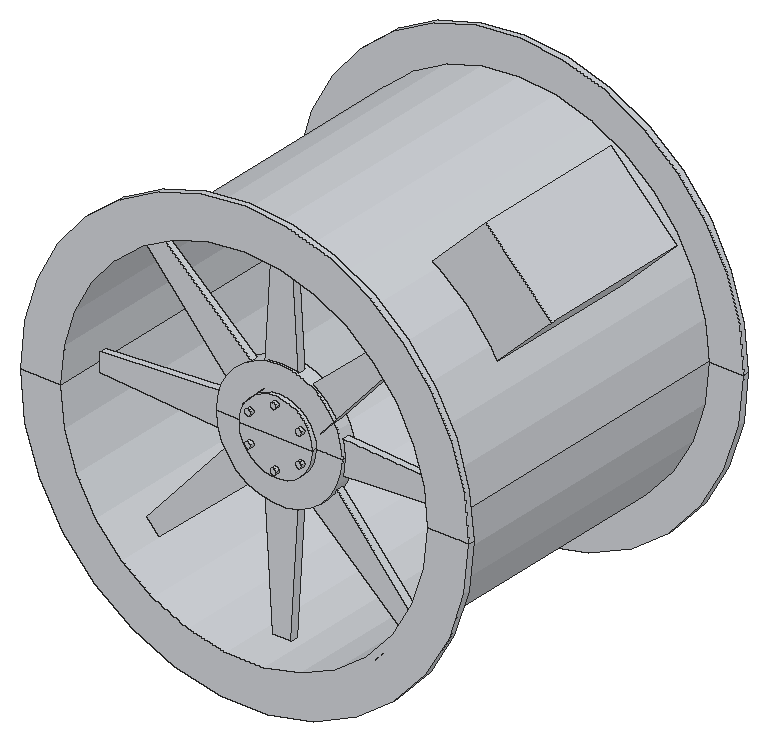
Revit family "CADS_Vent-Axia_MechEquip_Fan_LCA_315_3Ph4P - EXTRACT", category Mechanical Equipment, Revit 2020
Family settings
  Round Connector Dimension = Use Diameter
  Part Type = Normal
  OmniClass Number = 23.75.00.00
  OmniClass Title = Climate Control (HVAC)
  Work Plane-Based = No
  Always vertical = Yes
  Cut with Voids When Loaded = No
  Shared = No
  Room Calculation Point = No
Parameters (values of type "LCA313410")
  nr = NominalDiameter / 2  # 157.5 mm
  WorkingPressure = 0.0 Pa
  WarrantyStartDate [instance] = "1900-12-31T23:59:59"
  WarrantyPeriod = ""
  WarrantyIdentifier = "N/A"
  WarrantyGuarantorParts = "tech@vent-axia.com"
  WarrantyGuarantorLabor = "tech@vent-axia.com"
  WarrantyGuarantor = "Vent-Axia Limited"
  WarrantyEndDate [instance] = "1900-12-31T23:59:59"
  WarrantyContent = ""
  TemperatureRange = ""
  TagNumber [instance] = "N/A"
  SustainabilityPerformance = ""
  Status = "New"
  Size = ""
  Shape = ""
  ServiceLifeType = ""
  ServiceLifeDuration = ""
  SerialNumber [instance] = "N/A"
  ReplacementCost = ""
  RatedVoltage = 0 V
  RatedCurrent = 0 A
  Quantity = 1
  ProductionYear = ""
  PressureCurve = ""
  PowerFactor = ""
  PointOfContact = ""
  NumberOfPoles = 0
  NominalWidth = 315 mm
  NominalLength = 300 mm
  NominalHeight = 315 mm
  NominalFrequencyRange = ""
  NominalDiameter = 315 mm
  ModelReference = "LCAX 315mm 3PH 4P 10DEG"
  ModelNumber = "LCA313410"
  Material = ""
  ManufacturerE-Mail = "tech@vent-axia.com"
  ManufacturerAddress = "Fleming Way\nCrawley \nRH10 9YX"
  IsExtendedWarranty = no
  InsulationStandardClass = ""
  InstallationDate [instance] = "1900-12-31T23:59:59"
  IfcExportType [instance] = ""
  IfcExportAs = "IfcFanType"
  IP_Code = ""
  HasProtectiveEarth = no
  GrossWeight = 0.00 kg
  Grade = ""
  GlobalTradeItemNumber [instance] = "N/A"
  Fitting Type = "Ignore"
  Finish = ""
  Features = ""
  ExteriorInsulation = no
  ExpectedServiceLife = 0
  Exclusions = ""
  DurationUnit = "Year"
  Default Elevation = 0 mm
  Constituents = ""
  ConductorFunction = ""
  Color = ""
  CodePerformance = ""
  Category = ""
  CADS_Usage = 0
  CADS_Index = 0
  AssetType = "FIXED"
  AssetIdentifier [instance] = "N/A"
  AssemblyPlace = "UNKNOWN"
  ArticleNumber [instance] = "N/A"
  AirflowRateRange = 0.0 L/s
  Air Flow [instance] = 0.0 L/s
  AccessibilityPerformance = ""
Types (16, lengths in mm): name | ModelReference | ModelNumber
  LCA313410 | "LCAX 315mm 3PH 4P 10DEG" | "LCA313410"
  LCA313412 | "LCAX 315mm 3PH 4P 12DEG" | "LCA313412"
  LCA313414 | "LCAX 315mm 3PH 4P 14DEG" | "LCA313414"
  LCA313416 | "LCAX 315mm 3PH 4P 16DEG" | "LCA313416"
  LCA313418 | "LCAX 315mm 3PH 4P 18DEG" | "LCA313418"
  LCA313420 | "LCAX 315mm 3PH 4P 20DEG" | "LCA313420"
  LCA313422 | "LCAX 315mm 3PH 4P 22DEG" | "LCA313422"
  LCA313424 | "LCAX 315mm 3PH 4P 24DEG" | "LCA313424"
  LCA313426 | "LCAX 315mm 3PH 4P 26DEG" | "LCA313426"
  LCA313428 | "LCAX 315mm 3PH 4P 28DEG" | "LCA313428"
  LCA313430 | "LCAX 315mm 3PH 4P 30DEG" | "LCA313430"
  LCA313432 | "LCAX 315mm 3PH 4P 32DEG" | "LCA313432"
  LCA313434 | "LCAX 315mm 3PH 4P 34DEG" | "LCA313434"
  LCA313436 | "LCAX 315mm 3PH 4P 36DEG" | "LCA313436"
  LCA313438 | "LCAX 315mm 3PH 4P 38DEG" | "LCA313438"
  LCA313440 | "LCAX 315MM 3PH 4P 40DEG" | "LCA313440"
Reference planes
  plane 1 "Center (Front/Back)": y = 0
  plane 2: z = 0
  plane 3 "Center (Left/Right)": x = 0
  plane 4: x = -157.5
  plane 5: x = 157.5
  plane 6 "F": y = -150
  plane 7 "B": y = 150
  plane 8: x = -192.5
  plane 9: y = 145
  plane 10: y = -145
  plane 11: x = -162.5
  plane 12: y = -110
  plane 13 "top": z = 157.5
  plane 14: z = -157.5
  plane 15 "45deg": through (0, -1524, 0) normal (-0.7071, 0, -0.7071)
  plane 16 "C": through (0, -1524, 0) normal (-0.7071, 0, 0.7071)
Forms (mm)
  Revolve 1, solid
    sketch origin (0, 0, 0) x (1, 0, 0) y (0, 1, 0)
      loop
        line (-192.5, -150) -> (-157.5, -150) -> (-157.5, 150) -> (-192.5, 150) -> (-192.5, 145) -> (-162.5, 145) -> (-162.5, -145) -> (-192.5, -145) -> (-192.5, -150)
      axis (0, 150) -> (0, -150)
    angle from 0 to 360
  Sweep 2, solid
    path origin (0, 0, 0) x (1, 0, 0) y (0, 0, 1)
      loop
        line (111.369, 111.369) -> (157.331, 157.331)
    profile origin (134.35, 0, 134.35) x (-0.707107, 0, 0.707107) y (0, -1, 0)
      loop
        line (37.5, 55) -> (-42.73, 55) -> (-42.73, -79.5) -> (37.5, -79.5) -> (37.5, 55)
Dimensions and locks
  equal spacing: plane 4, plane 3 "Center (Left/Right)", plane 5
  equal spacing: plane 7 "B", plane 1 "Center (Front/Back)", plane 6 "F"
  "NominalLength": plane 7 "B" to plane 6 "F"
  "NominalDiameter": plane 4 to plane 5
  locked: plane 11 to plane 4 at 5
  locked: plane 8 to plane 11 at 30
  locked: plane 6 "F" to plane 10 at 5
  locked: plane 7 "B" to plane 9 at 5
  locked: plane 6 "F" to plane 12 at 40
  equal spacing: plane 13 "top", level, plane 14
  "NominalDiameter": plane 13 "top" to plane 14
  "nr": Sweep 2 sketch curve to nested 13
  Sweep 2 sketch curve to Sweep 2 sketch curve = 65 mm
  aligned and locked: level to plane 2
  aligned and locked: nested 1 to plane 12
Automatic sketch dimensions
  plane 6 "F" to Revolve 1 sketch curve = 0 mm
  Revolve 1 sketch curve to plane 8 = 0 mm  (x2)
  plane 10 to Revolve 1 sketch curve = 0 mm
  Revolve 1 sketch curve to plane 11 = 0 mm
  Revolve 1 sketch curve to plane 4 = 0 mm
  Revolve 1 sketch curve to plane 3 "Center (Left/Right)" = 0 mm
  plane 1 "Center (Front/Back)" to Revolve 1 sketch curve = 0 mm
  Revolve 1 sketch curve to plane 9 = 0 mm
  Revolve 1 sketch curve to plane 7 "B" = 0 mm
  plane 6 "F" to Revolve 1 sketch curve = 115 mm
  plane 1 "Center (Front/Back)" to Sweep 2 sketch curve = 55 mm
  Sweep 2 sketch curve to profile plane = 37.5 mm
  Sweep 2 sketch curve to Sweep 2 sketch curve = 80.23 mm
  Sweep 2 sketch curve to Sweep 2 sketch curve = 134.5 mm
  Sweep 2 sketch curve to plane 16 "C" = 0 mm  (x2)
Nested families
  nested 1: "Fan for ESC" at (0, -110, 0), ND <- "NominalDiameter", type "Fan for ESC"
    with hub 31.5 mm, ND 315 mm, BoltPCD 25.2 mm, Bolt Count 6, B_Diam 5 mm
  nested 2: "Bolts" at (21.824, -119.172, -12.6) x (-0.5, 0, -0.866) z (0, 1, 0), type "Bolts"
    with bd 5 mm
  nested 3: "Bolts" at (0, -119.172, -25.2) x (-1, 0, 0) z (0, 1, 0), type "Bolts"
    with bd 5 mm
  nested 4: "Bolts" at (-21.824, -119.172, -12.6) x (-0.5, 0, 0.866) z (0, 1, 0), type "Bolts"
    with bd 5 mm
  nested 5: "Bolts" at (-21.824, -119.172, 12.6) x (0.5, 0, 0.866) z (0, 1, 0), type "Bolts"
    with bd 5 mm
  nested 6: "Bolts" at (21.824, -119.172, 12.6) x (0.5, 0, -0.866) z (0, 1, 0), type "Bolts"
    with bd 5 mm
  nested 7: "Bolts" at (0, -119.172, 25.2) x (1, 0, 0) z (0, 1, 0), type "Bolts"
    with bd 5 mm
  nested 8: "ESC Blade" at (0, -110, 0), type "ESC Blade"
    with a 20.00°, HR 31.5 mm, HD 63 mm, BT 15.75 mm, BR 126 mm, BH 40 mm, BD 315 mm, BB 31.5 mm
  nested 9: "ESC Blade" at (0, -110, 0) x (0.7071, 0, -0.7071) z (0.7071, 0, 0.7071), type "ESC Blade"
    with a 20.00°, HR 31.5 mm, HD 63 mm, BT 15.75 mm, BR 126 mm, BH 40 mm, BD 315 mm, BB 31.5 mm
  nested 10: "ESC Blade" at (0, -110, 0) x (0, 0, -1) z (1, 0, 0), type "ESC Blade"
    with a 20.00°, HR 31.5 mm, HD 63 mm, BT 15.75 mm, BR 126 mm, BH 40 mm, BD 315 mm, BB 31.5 mm
  nested 11: "ESC Blade" at (0, -110, 0) x (-0.7071, 0, -0.7071) z (0.7071, 0, -0.7071), type "ESC Blade"
    with a 20.00°, HR 31.5 mm, HD 63 mm, BT 15.75 mm, BR 126 mm, BH 40 mm, BD 315 mm, BB 31.5 mm
  nested 12: "ESC Blade" at (0, -110, 0) x (-1, 0, 0) z (0, 0, -1), type "ESC Blade"
    with a 20.00°, HR 31.5 mm, HD 63 mm, BT 15.75 mm, BR 126 mm, BH 40 mm, BD 315 mm, BB 31.5 mm
  nested 13: "ESC Blade" at (0, -110, 0) x (-0.7071, 0, -0.7071) z (-0.7071, 0, 0.7071), type "ESC Blade"
    with a 20.00°, HR 31.5 mm, HD 63 mm, BT 15.75 mm, BR 126 mm, BH 40 mm, BD 315 mm, BB 31.5 mm
  nested 14: "ESC Blade" at (0, -110, 0) x (0, 0, -1) z (-1, 0, 0), type "ESC Blade"
    with a 20.00°, HR 31.5 mm, HD 63 mm, BT 15.75 mm, BR 126 mm, BH 40 mm, BD 315 mm, BB 31.5 mm
  nested 15: "ESC Blade" at (0, -110, 0) x (0.7071, 0, -0.7071) z (-0.7071, 0, -0.7071), type "ESC Blade"
    with a 20.00°, HR 31.5 mm, HD 63 mm, BT 15.75 mm, BR 126 mm, BH 40 mm, BD 315 mm, BB 31.5 mm
Connectors
  hvac at (0, -150, 0), driven by "NominalDiameter", driven by "Air Flow"
    settings: on Revolve 1, index 1, duct flow 0.0 L/s, flow factor 0, pres drop 0.0 Pa, loss coef 0, conn angle 0.00°, conn width 304.8 mm, conn height 304.8 mm, conn diameter 315 mm, duct sys type 2, conn prof type 0, flow config 0, flow direction 1, loss method 0, conn ref index -1, conn util no, is conn primary yes, conn desc ""
  hvac at (0, 150, 0), driven by "NominalDiameter", driven by "Air Flow"
    settings: on Revolve 1, index 2, duct flow 0.0 L/s, flow factor 0, pres drop 0.0 Pa, loss coef 0, conn angle 0.00°, conn width 304.8 mm, conn height 304.8 mm, conn diameter 315 mm, duct sys type 3, conn prof type 0, flow config 1, flow direction 2, loss method 0, conn ref index -1, conn util no, is conn primary no, conn desc ""
Definition of nested family "Fan for ESC"
  Parameters (values of type "Fan for ESC")
    hub [instance] = ND / 10  # 56.7 mm
    ND [instance] = 567 mm
    Model = "."
    Default Elevation = 0 mm
    BoltPCD [instance] = hub - (hub * 0.2)  # 45.36 mm
    Bolt Count [instance] = if(hub < 50 mm, 6, 8)  # 8
    B_Diam [instance] = if(hub < 50 mm, 5 mm, 10 mm)  # 10 mm
  Reference planes
    plane 1 "Center (Front/Back)": y = 0
    plane 2: z = 0
    plane 3 "Center (Left/Right)": x = 0
    plane 4 "back": y = 20
    plane 5 "bolts": y = -9.172
    plane 6 "B": z = 56.7
    plane 7: x = -79.287
    plane 8: x = -56.7
    plane 9 "hubface": y = -6.172
  Forms (mm)
    Revolve 1, solid
      sketch origin (0, 0, 0) x (1, 0, 0) y (0, 1, 0)
        loop
          line (0, 20) -> (-56.7, 20) -> (-56.7, 10.504) -> (-79.287, 10.504) -> (-79.287, -2.597) -> (-56.7, -2.597) -> (-56.7, -6.172) -> (0, -6.172) -> (0, 20)
        axis (0, 20) -> (0, -6.172)
      angle from 0 to 360
    Extrusion 2, solid, not visible
      sketch origin (0, -6.347, -4) x (-1, 0, 0) y (0, 0, 1)
        loop
          circle (0, 84) r 5
      from 0 to 3
  Lines and regions (mm)
    symbolic lines
      curve 1: circle (0, -9.172, 0) r 45.36 normal (0, 1, 0)
    model lines, not visible
      curve 2: line (0, -6.347, 85) -> (0, -6.347, 75)
  Dimensions and locks
    "hub": plane 6 "B" to plane 2
    "hub": nested 3 to plane 3 "Center (Left/Right)"
    "hub": nested 4 to plane 3 "Center (Left/Right)"
    "hub": nested 5 to plane 3 "Center (Left/Right)"
    "hub": plane 3 "Center (Left/Right)" to nested 6
    "hub": Revolve 1 sketch curve to Revolve 1 sketch curve
    "hub": plane 3 "Center (Left/Right)" to nested 7
    "hub": plane 3 "Center (Left/Right)" to nested 8
    "hub": plane 3 "Center (Left/Right)" to nested 9
    "hub": plane 8 to plane 3 "Center (Left/Right)"
    plane 7 to plane 8 = 22.587 mm
    diameter of Extrusion 2 sketch curve = 10 mm
    "BoltPCD": radius of curve 1
    "BoltPCD": radius of radial array
    aligned and locked: level to plane 2
    aligned and locked: plane 6 "B" to nested 1
  Automatic sketch dimensions
    Revolve 1 sketch curve to plane 7 = 0 mm
    Revolve 1 sketch curve to plane 8 = 0 mm  (x2)
    Revolve 1 sketch curve to plane 3 "Center (Left/Right)" = 0 mm
    Revolve 1 sketch curve to plane 9 "hubface" = 0 mm
    plane 4 "back" to Revolve 1 sketch curve = 0 mm
    plane 1 "Center (Front/Back)" to Revolve 1 sketch curve = 2.597 mm
    plane 4 "back" to Revolve 1 sketch curve = 9.496 mm
    Revolve 1 sketch curve to Revolve 1 sketch curve = 5 mm
    Revolve 1 sketch curve to plane 4 "back" = 45 mm
    curve 1 to level = 0 mm
    curve 1 to plane 3 "Center (Left/Right)" = 0 mm
  Nested families
    nested 1: "ESC Blade" at (0, 0, 0), BD <- "ND", HD <- "hub", type "ESC Blade"
      with a 20.00°, HR 56.7 mm, HD 113.4 mm, BT 28.35 mm, BR 226.8 mm, BH 40 mm, BD 567 mm, BB 56.7 mm
    nested 2: "ESC Blade" at (0, 0, 755), BD <- "ND", HD <- "hub", type "ESC Blade", not visible
      with a 20.00°, HR 56.7 mm, HD 113.4 mm, BT 28.35 mm, BR 226.8 mm, BH 40 mm, BD 567 mm, BB 56.7 mm
    nested 3: "ESC Blade" at (0, 0, 0) x (0.7071, 0, -0.7071) z (0.7071, 0, 0.7071), BD <- "ND", HD <- "hub", type "ESC Blade"
      with a 20.00°, HR 56.7 mm, HD 113.4 mm, BT 28.35 mm, BR 226.8 mm, BH 40 mm, BD 567 mm, BB 56.7 mm
    nested 4: "ESC Blade" at (0, 0, 0) x (0, 0, -1) z (1, 0, 0), BD <- "ND", HD <- "hub", type "ESC Blade"
      with a 20.00°, HR 56.7 mm, HD 113.4 mm, BT 28.35 mm, BR 226.8 mm, BH 40 mm, BD 567 mm, BB 56.7 mm
    nested 5: "ESC Blade" at (0, 0, 0) x (-0.7071, 0, -0.7071) z (0.7071, 0, -0.7071), BD <- "ND", HD <- "hub", type "ESC Blade"
      with a 20.00°, HR 56.7 mm, HD 113.4 mm, BT 28.35 mm, BR 226.8 mm, BH 40 mm, BD 567 mm, BB 56.7 mm
    nested 6: "ESC Blade" at (0, 0, 0) x (-1, 0, 0) z (0, 0, -1), BD <- "ND", HD <- "hub", type "ESC Blade"
      with a 20.00°, HR 56.7 mm, HD 113.4 mm, BT 28.35 mm, BR 226.8 mm, BH 40 mm, BD 567 mm, BB 56.7 mm
    nested 7: "ESC Blade" at (0, 0, 0) x (-0.7071, 0, -0.7071) z (-0.7071, 0, 0.7071), BD <- "ND", HD <- "hub", type "ESC Blade"
      with a 20.00°, HR 56.7 mm, HD 113.4 mm, BT 28.35 mm, BR 226.8 mm, BH 40 mm, BD 567 mm, BB 56.7 mm
    nested 8: "ESC Blade" at (0, 0, 0) x (0, 0, -1) z (-1, 0, 0), BD <- "ND", HD <- "hub", type "ESC Blade"
      with a 20.00°, HR 56.7 mm, HD 113.4 mm, BT 28.35 mm, BR 226.8 mm, BH 40 mm, BD 567 mm, BB 56.7 mm
    nested 9: "ESC Blade" at (0, 0, 0) x (0.7071, 0, -0.7071) z (-0.7071, 0, -0.7071), BD <- "ND", HD <- "hub", type "ESC Blade"
      with a 20.00°, HR 56.7 mm, HD 113.4 mm, BT 28.35 mm, BR 226.8 mm, BH 40 mm, BD 567 mm, BB 56.7 mm
    nested 10: "Bolts" at (0, -9.172, 45.36) x (1, 0, 0) z (0, 1, 0), bd <- "B_Diam", type "Bolts"
      with bd 10 mm
    nested 11: "Bolts" at (32.074, -9.172, 32.074) x (0.7071, 0, -0.7071) z (0, 1, 0), bd <- "B_Diam", type "Bolts"
      with bd 10 mm
    nested 12: "Bolts" at (-32.074, -9.172, 32.074) x (0.7071, 0, 0.7071) z (0, 1, 0), bd <- "B_Diam", type "Bolts"
      with bd 10 mm
    nested 13: "Bolts" at (-45.36, -9.172, 0) x (0, 0, 1) z (0, 1, 0), bd <- "B_Diam", type "Bolts"
      with bd 10 mm
    nested 14: "Bolts" at (-32.074, -9.172, -32.074) x (-0.7071, 0, 0.7071) z (0, 1, 0), bd <- "B_Diam", type "Bolts"
      with bd 10 mm
    nested 15: "Bolts" at (0, -9.172, -45.36) x (-1, 0, 0) z (0, 1, 0), bd <- "B_Diam", type "Bolts"
      with bd 10 mm
    nested 16: "Bolts" at (32.074, -9.172, -32.074) x (-0.7071, 0, -0.7071) z (0, 1, 0), bd <- "B_Diam", type "Bolts"
      with bd 10 mm
    nested 17: "Bolts" at (45.36, -9.172, 0) x (0, 0, -1) z (0, 1, 0), bd <- "B_Diam", type "Bolts"
      with bd 10 mm
  Definition of nested family "ESC Blade"
    Parameters (values of type "ESC Blade")
      a [instance] = 20.00°
      HR [instance] = HD / 2  # 30 mm
      HD [instance] = BD / 5  # 60 mm
      Default Elevation = 1219.2 mm
      BT [instance] = BD / 20  # 15 mm
      BR [instance] = (BD / 2) - HR  # 120 mm
      BH [instance] = 40 mm
      BD [instance] = 300 mm
      BB [instance] = BD / 10  # 30 mm
    Reference planes
      plane 1 "Center (Front/Back)": y = 0
      plane 2: z = 0
      plane 3 "Center (Left/Right)": x = 0
      plane 4 "Blade Bot": z = 30
      plane 5: x = -15
      plane 6: x = 15
      plane 7: x = -7.5
      plane 8: x = 7.5
    Forms (mm)
      Blend 1, solid
        base sketch origin (0, 0, 30) x (-1, 0, 0) y (0, -1, 0)
          loop
            line (15, 0) -> (-15, 0) -> (-15, -6) -> (15, -6) -> (15, 0)
        top sketch origin (0, 0, 30) x (-1, 0, 0) y (0, -1, 0)
          loop
            line (7.5, -6) -> (7.5, 0) -> (-7.5, 0) -> (-7.5, -6) -> (7.5, -6)
        from 0 to 120 <- "BR"
    Dimensions and locks
      "HR": plane 4 "Blade Bot" to level
      equal spacing: plane 8, plane 3 "Center (Left/Right)", plane 7
      "BT": plane 8 to plane 7
      equal spacing: plane 6, plane 3 "Center (Left/Right)", plane 5
      "BB": plane 6 to plane 5
      aligned and locked: level to plane 2
    Automatic sketch dimensions
      plane 1 "Center (Front/Back)" to Blend 1 sketch curve = 0 mm  (x2)
      Blend 1 sketch curve to plane 6 = 0 mm
      Blend 1 sketch curve to plane 5 = 0 mm
      Blend 1 sketch curve to plane 1 "Center (Front/Back)" = 6 mm  (x2)
      Blend 1 sketch curve to plane 8 = 0 mm
      Blend 1 sketch curve to plane 7 = 0 mm
  Definition of nested family "Bolts"
    Parameters
      bd [instance] = 10 mm
      Default Elevation = 1219.2 mm
    Reference planes
      plane 1 "Center (Front/Back)": y = 0
      plane 2: z = 0
      plane 3 "Center (Left/Right)": x = 0
    Forms (mm)
      Extrusion 1, solid
        sketch origin (0, 0, 0) x (1, 0, 0) y (0, 1, 0)
          loop
            line (-1219.2, 1219.2) -> (-1219.2, -1219.2) -> (1219.2, -1219.2) -> (1219.2, 1219.2) -> (-1219.2, 1219.2)
        from 0 to -304.8
      Extrusion 2, solid
        sketch origin (0, 0, 0) x (1, 0, 0) y (0, 1, 0)
          loop
            circle (0, 0) r 5
        from 0 to 3
    Dimensions and locks
      "bd": diameter of Extrusion 2 sketch curve
      aligned and locked: plane 2 to Extrusion 1
      aligned and locked: level to Extrusion 1
    Automatic sketch dimensions
      Extrusion 1 sketch curve to Extrusion 1 sketch curve = 2438.4 mm  (x2)
      plane 1 "Center (Front/Back)" to Extrusion 2 sketch curve = 0 mm
      Extrusion 2 sketch curve to plane 3 "Center (Left/Right)" = 0 mm
Definition of nested family "Bolts"
  Parameters
    bd [instance] = 10 mm
    Default Elevation = 1219.2 mm
  Reference planes
    plane 1 "Center (Front/Back)": y = 0
    plane 2: z = 0
    plane 3 "Center (Left/Right)": x = 0
  Forms (mm)
    Extrusion 1, solid
      sketch origin (0, 0, 0) x (1, 0, 0) y (0, 1, 0)
        loop
          line (-1219.2, 1219.2) -> (-1219.2, -1219.2) -> (1219.2, -1219.2) -> (1219.2, 1219.2) -> (-1219.2, 1219.2)
      from 0 to -304.8
    Extrusion 2, solid
      sketch origin (0, 0, 0) x (1, 0, 0) y (0, 1, 0)
        loop
          circle (0, 0) r 5
      from 0 to 3
  Dimensions and locks
    "bd": diameter of Extrusion 2 sketch curve
    aligned and locked: plane 2 to Extrusion 1
    aligned and locked: level to Extrusion 1
  Automatic sketch dimensions
    Extrusion 1 sketch curve to Extrusion 1 sketch curve = 2438.4 mm  (x2)
    plane 1 "Center (Front/Back)" to Extrusion 2 sketch curve = 0 mm
    Extrusion 2 sketch curve to plane 3 "Center (Left/Right)" = 0 mm
Definition of nested family "ESC Blade"
  Parameters (values of type "ESC Blade")
    a [instance] = 20.00°
    HR [instance] = HD / 2  # 30 mm
    HD [instance] = BD / 5  # 60 mm
    Default Elevation = 1219.2 mm
    BT [instance] = BD / 20  # 15 mm
    BR [instance] = (BD / 2) - HR  # 120 mm
    BH [instance] = 40 mm
    BD [instance] = 300 mm
    BB [instance] = BD / 10  # 30 mm
  Reference planes
    plane 1 "Center (Front/Back)": y = 0
    plane 2: z = 0
    plane 3 "Center (Left/Right)": x = 0
    plane 4 "Blade Bot": z = 30
    plane 5: x = -15
    plane 6: x = 15
    plane 7: x = -7.5
    plane 8: x = 7.5
  Forms (mm)
    Blend 1, solid
      base sketch origin (0, 0, 30) x (-1, 0, 0) y (0, -1, 0)
        loop
          line (15, 0) -> (-15, 0) -> (-15, -6) -> (15, -6) -> (15, 0)
      top sketch origin (0, 0, 30) x (-1, 0, 0) y (0, -1, 0)
        loop
          line (7.5, -6) -> (7.5, 0) -> (-7.5, 0) -> (-7.5, -6) -> (7.5, -6)
      from 0 to 120 <- "BR"
  Dimensions and locks
    "HR": plane 4 "Blade Bot" to level
    equal spacing: plane 8, plane 3 "Center (Left/Right)", plane 7
    "BT": plane 8 to plane 7
    equal spacing: plane 6, plane 3 "Center (Left/Right)", plane 5
    "BB": plane 6 to plane 5
    aligned and locked: level to plane 2
  Automatic sketch dimensions
    plane 1 "Center (Front/Back)" to Blend 1 sketch curve = 0 mm  (x2)
    Blend 1 sketch curve to plane 6 = 0 mm
    Blend 1 sketch curve to plane 5 = 0 mm
    Blend 1 sketch curve to plane 1 "Center (Front/Back)" = 6 mm  (x2)
    Blend 1 sketch curve to plane 8 = 0 mm
    Blend 1 sketch curve to plane 7 = 0 mm
